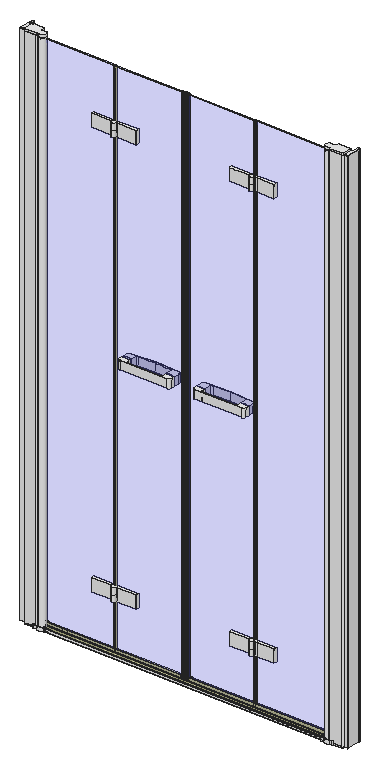
Revit family "SLF2", category Plumbing Fixtures, Revit 2015
Parameters (values of type "1200")
  x = A / 14 * 3  # 257.143 mm
  Seal = Seal
  Glass = Glass
  Chrome = Chrome - Polished
  Aluminium = Aluminum - Polished
  A = 1200 mm
  URL = "http://www.sanswiss.com/"
  Type Comments = ""
  Model = "SLF2"
  Manufacturer = "SanSwiss"
Reference planes
  plane 1 "Center (Front/Back)": y = 0
  plane 2: z = 0
  plane 3 "Center (Left/Right)": x = 0
  plane 4 "Back": y = 1900
  plane 5 "Left": x = -1200
  plane 6: y = 1825.1
  plane 7: x = -1106.4
  plane 8: y = 1828.3
  plane 9: x = -1128.9
  plane 10 "middle": x = -600
  plane 11: x = -6.7
  plane 12: x = -607.069
  plane 13: x = -592.439
  plane 14: x = -1138.856
  plane 15: x = -1111.4
  plane 16: x = -340.483
  plane 17: x = -859.235
  plane 18: x = -88.527
  plane 19: x = -853.175
  plane 20: x = -348.347
  plane 21: y = 17.591
  plane 22: x = -856.949
  plane 23: x = -342.909
  plane 24: x = -76.086
Forms (mm)
  Sweep 1, solid, material "Aluminum - Polished" <- "Aluminium"
    path origin (-10, 0, 0) x (1, 0, 0) y (0, 0, 1)
      loop
        line (-1200, 4) -> (-1200, 1946)
    profile origin (-1210, 0, 975) x (-1, 0, 0) y (0, -1, 0)
      loop
        line (-35.676, -44.4) -> (-33.876, -42.6) -> (-18.652, -42.6)
        arc (-18.652, -42.6) -> (-17.142, -43.982) -> (-16.7, -45.981) r 3.398
        line (-16.7, -45.981) -> (-16.7, -61.6)
        arc (-16.7, -61.6) -> (-16.114, -63.014) -> (-14.7, -63.6) r 2
        line (-14.7, -63.6) -> (-11.132, -63.6)
        arc (-11.132, -63.6) -> (-10.555, -63.318) -> (-10.422, -62.691) r 0.732
        arc (-10.422, -62.691) -> (-9.569, -62.097) -> (-10, -61.151) r 0.812
        line (-10, -61.151) -> (-10, -11.787)
        arc (-10, -11.787) -> (-9.501, -11.09) -> (-10.01, -10.4) r 0.729
        line (-10.01, -10.4) -> (-26.3, -10.4) -> (-30.3, -6.4) -> (-71.884, -6.4) -> (-74.546, -9.061)
        arc (-74.546, -9.061) -> (-75.11, -9.818) -> (-75.165, -10.761) r 1.644
        arc (-75.165, -10.761) -> (-72.616, -20.38) -> (-77.164, -29.231) r 13.872
        line (-77.164, -29.231) -> (-81.522, -30.522)
        arc (-81.522, -30.522) -> (-81.818, -31.13) -> (-81.238, -31.479) r 0.501
        line (-81.238, -31.479) -> (-76.826, -30.59)
        arc (-76.826, -30.59) -> (-76.408, -30.336) -> (-76.248, -29.874) r 0.72
        arc (-76.248, -29.874) -> (-75.55, -29.599) -> (-74.801, -29.583) r 2.127
        arc (-74.801, -29.583) -> (-72.782, -30.26) -> (-71.1, -31.566) r 6.362
        line (-71.1, -31.566) -> (-71.1, -42.6)
        arc (-71.1, -42.6) -> (-70.573, -43.872) -> (-69.3, -44.4) r 1.8
        line (-69.3, -44.4) -> (-35.676, -44.4)
  Sweep 2, solid, material "Chrome - Polished" <- "Chrome"
    path origin (0, 0, 0) x (1, 0, 0) y (0, 0, 1)
      loop
        line (-1200, 1946) -> (-1200, 1947)
    profile origin (-1200, 0, 1946.5) x (-1, 0, 0) y (0, -1, 0)
      loop
        line (0, -62.594) -> (0, -11.426)
        arc (0, -11.426) -> (-0.301, -10.7) -> (-1.027, -10.4) r 1.027
        line (-1.027, -10.4) -> (-33.876, -10.4) -> (-33.876, -42.6) -> (-8.652, -42.6)
        arc (-8.652, -42.6) -> (-7.142, -43.982) -> (-6.7, -45.981) r 3.398
        line (-6.7, -45.981) -> (-6.7, -61.6)
        arc (-6.7, -61.6) -> (-6.114, -63.014) -> (-4.7, -63.6) r 2
        line (-4.7, -63.6) -> (-1, -63.6) -> (-1, -62.594) -> (0, -62.594)
  Sweep 3, solid, material "Chrome - Polished" <- "Chrome"
    path origin (-9.957, 0, 0) x (1, 0, 0) y (0, 0, 1)
      loop
        line (-1200, 1946) -> (-1200, 1951)
    profile origin (-1209.957, 0, 1948.5) x (-1, 0, 0) y (0, -1, 0)
      loop
        line (-26.3, -10.4) -> (-30.3, -6.4) -> (-71.884, -6.4) -> (-73.884, -8.4) -> (-79.172, -8.4)
        arc (-79.172, -8.4) -> (-98.11, -15.238) -> (-86.1, -31.4) r 12.543
        line (-86.1, -31.4) -> (-74.1, -31.4)
        arc (-74.1, -31.4) -> (-71.979, -32.278) -> (-71.1, -34.4) r 3
        line (-71.1, -34.4) -> (-71.1, -42.6)
        arc (-71.1, -42.6) -> (-70.573, -43.872) -> (-69.3, -44.4) r 1.8
        line (-69.3, -44.4) -> (-35.676, -44.4) -> (-33.876, -42.6) -> (-26.851, -42.6)
        arc (-26.851, -42.6) -> (-26.461, -42.438) -> (-26.3, -42.049) r 0.551
        line (-26.3, -42.049) -> (-26.3, -10.4)
  Sweep 4, solid, material "Chrome - Polished" <- "Chrome"
    path origin (-9.957, 0, 0) x (1, 0, 0) y (0, 0, 1)
      loop
        line (-1200, 0) -> (-1200, 4)
    profile origin (-1209.957, 0, 2) x (-1, 0, 0) y (0, -1, 0)
      loop
        line (-26.3, -42.6) -> (-26.3, -10.4) -> (-30.3, -6.4) -> (-71.884, -6.4) -> (-73.884, -8.4) -> (-79.172, -8.4)
        arc (-79.172, -8.4) -> (-98.11, -15.238) -> (-86.1, -31.4) r 12.543
        line (-86.1, -31.4) -> (-74.1, -31.4)
        arc (-74.1, -31.4) -> (-72.049, -32.208) -> (-71.1, -34.197) r 3.007
        line (-71.1, -34.197) -> (-71.1, -42.6)
        arc (-71.1, -42.6) -> (-70.573, -43.872) -> (-69.3, -44.4) r 1.8
        line (-69.3, -44.4) -> (-35.676, -44.4) -> (-33.876, -42.6) -> (-26.3, -42.6)
  Sweep 5, solid, material "Aluminum - Polished" <- "Aluminium"
    path origin (-10, 0, 0) x (1, 0, 0) y (0, 0, 1)
      loop
        line (-1200, 4) -> (-1200, 1940)
    profile origin (-1210, 0, 972) x (-1, 0, 0) y (0, -1, 0)
      loop
        arc (-86.1, -31.4) -> (-74.09, -22.474) -> (-79.172, -8.4) r 12.543
        arc (-79.172, -8.4) -> (-98.11, -15.238) -> (-86.1, -31.4) r 12.543
  Extrusion 6, solid, material "Seal" <- "Seal"
    sketch origin (900, 0, 0) x (0, 1, 0) y (0, 0, 1)
      loop
        arc (16.331, 27.5) -> (15.637, 27.245) -> (15.333, 26.57) r 0.955
        line (15.333, 26.57) -> (14.507, 16.692)
        arc (14.507, 16.692) -> (15.106, 14.943) -> (16.799, 14.2) r 2.3
        line (16.799, 14.2) -> (18.287, 14.2)
        arc (18.287, 14.2) -> (18.558, 13.566) -> (18.688, 12.889) r 3.217
        arc (18.688, 12.889) -> (18.652, 12.266) -> (18.499, 11.661) r 3.299
        line (18.499, 11.661) -> (18.499, 2.4)
        arc (18.499, 2.4) -> (18.899, 2) -> (19.299, 2.4) r 0.4
        line (19.299, 2.4) -> (19.299, 11.633)
        arc (19.299, 11.633) -> (19.138, 12.251) -> (19.1, 12.889) r 3.299
        arc (19.1, 12.889) -> (19.23, 13.566) -> (19.501, 14.2) r 3.217
        line (19.501, 14.2) -> (21.086, 14.2)
        arc (21.086, 14.2) -> (22.877, 15.057) -> (23.333, 16.989) r 2.3
        arc (23.333, 16.989) -> (23.854, 17.21) -> (24.412, 17.295) r 2.259
        arc (24.412, 17.295) -> (24.777, 17.126) -> (24.954, 16.765) r 0.599
        line (24.954, 16.765) -> (26.702, 1.853)
        arc (26.702, 1.853) -> (27.146, 1.503) -> (27.496, 1.947) r 0.4
        line (27.496, 1.947) -> (25.772, 16.62)
        arc (25.772, 16.62) -> (25.865, 17.014) -> (26.189, 17.255) r 0.591
        line (26.189, 17.255) -> (28.461, 16.675)
        arc (28.461, 16.675) -> (28.883, 16.61) -> (29.263, 16.802) r 0.696
        arc (29.263, 16.802) -> (29.15, 17.546) -> (28.546, 17.995) r 0.99
        line (28.546, 17.995) -> (23.154, 19.371) -> (22.551, 26.57)
        arc (22.551, 26.57) -> (22.248, 27.245) -> (21.554, 27.5) r 0.955
        arc (21.554, 27.5) -> (21.109, 27.255) -> (21.031, 26.753) r 0.575
        line (21.031, 26.753) -> (21.296, 25.983) -> (22.082, 16.583)
        arc (22.082, 16.583) -> (21.765, 15.817) -> (20.999, 15.5) r 1.083
        line (20.999, 15.5) -> (16.886, 15.5)
        arc (16.886, 15.5) -> (16.12, 15.817) -> (15.802, 16.583) r 1.083
        line (15.802, 16.583) -> (16.589, 25.983) -> (16.854, 26.753)
        arc (16.854, 26.753) -> (16.776, 27.255) -> (16.331, 27.5) r 0.575
    from -2011.4 to -988.527
  Extrusion 7, solid, material "Aluminum - Polished" <- "Aluminium"
    sketch origin (0, 0, 0) x (0, 1, 0) y (0, 0, 1)
      loop
        line (4.2, 9) -> (4.2, 0.75)
        arc (4.2, 0.75) -> (4.296, 0.333) -> (4.567, 0) r 0.95
        line (4.567, 0) -> (14, 0)
        arc (14, 0) -> (14.588, 1.02) -> (14, 2.039) r 1.177
        line (14, 2.039) -> (10.768, 3.905)
        arc (10.768, 3.905) -> (10.237, 4.125) -> (9.668, 4.2) r 2.2
        line (9.668, 4.2) -> (8.6, 4.2) -> (8.6, 9)
        arc (8.6, 9) -> (8.248, 9.849) -> (7.4, 10.2) r 1.2
        line (7.4, 10.2) -> (5.4, 10.2)
        arc (5.4, 10.2) -> (4.551, 9.849) -> (4.2, 9) r 1.2
    from -1106.4 to -84
  Sweep 8, solid, material "Seal" <- "Seal"
    path origin (0, 0, 0) x (1, 0, 0) y (0, 0, 1)
      loop
        line (-600, 1938.5) -> (-600, 19.7)
    profile origin (-600, 0, 979.1) x (0, -1, 0) y (1, 0, 0)
      loop
        line (-21.877, -13.476) -> (-22.148, -12.082) -> (-22.467, -11.365) -> (-22.947, -7.95)
        arc (-22.947, -7.95) -> (-22.732, -7.173) -> (-22.016, -6.8) r 1.012
        line (-22.016, -6.8) -> (-17.283, -6.8)
        arc (-17.283, -6.8) -> (-16.567, -7.173) -> (-16.352, -7.95) r 1.012
        line (-16.352, -7.95) -> (-16.832, -11.365) -> (-17.151, -12.082) -> (-17.485, -13.801)
        arc (-17.485, -13.801) -> (-16.617, -13.852) -> (-15.923, -13.328) r 1.26
        line (-15.923, -13.328) -> (-15.189, -8.11)
        arc (-15.189, -8.11) -> (-15.188, -7.561) -> (-15.266, -7.018) r 3.815
        arc (-15.266, -7.018) -> (-13.823, -5.314) -> (-13.185, -3.175) r 5.443
        arc (-13.185, -3.175) -> (-13.409, -1.464) -> (-14.322, 0) r 4.072
        line (-14.322, 0) -> (-24.977, 0)
        arc (-24.977, 0) -> (-25.89, -1.464) -> (-26.114, -3.175) r 4.072
        arc (-26.114, -3.175) -> (-25.477, -5.314) -> (-24.034, -7.018) r 5.443
        arc (-24.034, -7.018) -> (-24.111, -7.561) -> (-24.11, -8.11) r 3.815
        line (-24.11, -8.11) -> (-23.377, -13.328)
        arc (-23.377, -13.328) -> (-22.666, -13.797) -> (-21.877, -13.476) r 0.913
      loop
        line (-22.674, -0.4) -> (-22.674, -2.2) -> (-16.674, -2.2) -> (-16.674, -0.4) -> (-22.674, -0.4)
      loop
        arc (-23.541, -6.001) -> (-22.951, -5.594) -> (-22.254, -5.428) r 1.951
        line (-22.254, -5.428) -> (-17.074, -5.428)
        arc (-17.074, -5.428) -> (-16.376, -5.594) -> (-15.786, -6.001) r 1.951
        arc (-15.786, -6.001) -> (-15.371, -6.312) -> (-14.956, -6.001) r 0.433
        arc (-14.956, -6.001) -> (-14.032, -4.606) -> (-13.67, -2.972) r 4.586
        arc (-13.67, -2.972) -> (-13.878, -1.433) -> (-15.037, -0.4) r 2.237
        line (-15.037, -0.4) -> (-16.174, -0.4) -> (-16.174, -1.9)
        arc (-16.174, -1.9) -> (-16.408, -2.466) -> (-16.974, -2.7) r 0.8
        line (-16.974, -2.7) -> (-22.374, -2.7)
        arc (-22.374, -2.7) -> (-22.939, -2.466) -> (-23.174, -1.9) r 0.8
        line (-23.174, -1.9) -> (-23.174, -0.4) -> (-24.29, -0.4)
        arc (-24.29, -0.4) -> (-25.45, -1.433) -> (-25.657, -2.972) r 2.237
        arc (-25.657, -2.972) -> (-25.296, -4.606) -> (-24.371, -6.001) r 4.586
        arc (-24.371, -6.001) -> (-23.956, -6.312) -> (-23.541, -6.001) r 0.433
  Sweep 9, solid, material "Seal" <- "Seal"
    path origin (-906.7, 0, 0) x (-1, 0, 0) y (0, 0, 1)
      loop
        line (-306.7, 1938.5) -> (-306.7, 19.7)
    profile origin (-600, 0, 979.1) x (0, -1, 0) y (1, 0, 0)
      loop
        arc (-21.877, 13.476) -> (-22.666, 13.797) -> (-23.377, 13.328) r 0.913
        line (-23.377, 13.328) -> (-24.11, 8.11)
        arc (-24.11, 8.11) -> (-24.111, 7.561) -> (-24.034, 7.018) r 3.815
        arc (-24.034, 7.018) -> (-25.477, 5.314) -> (-26.114, 3.175) r 5.443
        arc (-26.114, 3.175) -> (-25.89, 1.464) -> (-24.977, 0) r 4.072
        line (-24.977, 0) -> (-14.322, 0)
        arc (-14.322, 0) -> (-13.409, 1.464) -> (-13.185, 3.175) r 4.072
        arc (-13.185, 3.175) -> (-13.823, 5.314) -> (-15.266, 7.018) r 5.443
        arc (-15.266, 7.018) -> (-15.188, 7.561) -> (-15.189, 8.11) r 3.815
        line (-15.189, 8.11) -> (-15.923, 13.328)
        arc (-15.923, 13.328) -> (-16.617, 13.852) -> (-17.485, 13.801) r 1.26
        line (-17.485, 13.801) -> (-17.151, 12.082) -> (-16.832, 11.365) -> (-16.352, 7.95)
        arc (-16.352, 7.95) -> (-16.567, 7.173) -> (-17.283, 6.8) r 1.012
        line (-17.283, 6.8) -> (-22.016, 6.8)
        arc (-22.016, 6.8) -> (-22.732, 7.173) -> (-22.947, 7.95) r 1.012
        line (-22.947, 7.95) -> (-22.467, 11.365) -> (-22.148, 12.082) -> (-21.877, 13.476)
      loop
        line (-22.674, 0.4) -> (-16.674, 0.4) -> (-16.674, 2.2) -> (-22.674, 2.2) -> (-22.674, 0.4)
      loop
        arc (-23.541, 6.001) -> (-23.956, 6.312) -> (-24.371, 6.001) r 0.433
        arc (-24.371, 6.001) -> (-25.296, 4.606) -> (-25.657, 2.972) r 4.586
        arc (-25.657, 2.972) -> (-25.45, 1.433) -> (-24.29, 0.4) r 2.237
        line (-24.29, 0.4) -> (-23.174, 0.4) -> (-23.174, 1.9)
        arc (-23.174, 1.9) -> (-22.939, 2.466) -> (-22.374, 2.7) r 0.8
        line (-22.374, 2.7) -> (-16.974, 2.7)
        arc (-16.974, 2.7) -> (-16.408, 2.466) -> (-16.174, 1.9) r 0.8
        line (-16.174, 1.9) -> (-16.174, 0.4) -> (-15.037, 0.4)
        arc (-15.037, 0.4) -> (-13.878, 1.433) -> (-13.67, 2.972) r 2.237
        arc (-13.67, 2.972) -> (-14.032, 4.606) -> (-14.956, 6.001) r 4.586
        arc (-14.956, 6.001) -> (-15.371, 6.312) -> (-15.786, 6.001) r 0.433
        arc (-15.786, 6.001) -> (-16.376, 5.594) -> (-17.074, 5.428) r 1.951
        line (-17.074, 5.428) -> (-22.254, 5.428)
        arc (-22.254, 5.428) -> (-22.951, 5.594) -> (-23.541, 6.001) r 1.951
  Sweep 10, solid, material "Aluminum - Polished" <- "Aluminium"
    path origin (-889.788, -0.389, 0) x (-1, 0, 0) y (0, 0, -1)
      loop
        line (-900, -4) -> (-900, -1940)
    profile origin (10.212, -0.389, 972) x (-1, 0, 0) y (0, -1, 0)
      loop
        arc (86.1, -31.4) -> (98.11, -15.238) -> (79.172, -8.4) r 12.543
        arc (79.172, -8.4) -> (74.09, -22.474) -> (86.1, -31.4) r 12.543
  Sweep 11, void
    path origin (0, 0, 0) x (1, 0, 0) y (0, 0, 1)
      loop
        line (-600, 19.7) -> (-600, 29.13)
    profile origin (-600, 0, 24.415) x (-1, 0, 0) y (0, -1, 0)
      loop
        line (14.647, -40.328) -> (14.647, -1.366) -> (-14.647, -1.366) -> (-14.647, -40.328) -> (14.647, -40.328)
  Sweep 12, solid, material "Aluminum - Polished" <- "Aluminium"
    path origin (910.004, 0, 0) x (1, 0, 0) y (0, 0, 1)
      loop
        line (-900, 4) -> (-900, 1946)
    profile origin (10.004, 0, 975) x (-1, 0, 0) y (0, -1, 0)
      loop
        line (35.676, -44.102) -> (69.3, -44.102)
        arc (69.3, -44.102) -> (70.573, -43.575) -> (71.1, -42.302) r 1.8
        line (71.1, -42.302) -> (71.1, -31.268)
        arc (71.1, -31.268) -> (72.782, -29.963) -> (74.801, -29.286) r 6.362
        arc (74.801, -29.286) -> (75.55, -29.302) -> (76.248, -29.577) r 2.127
        arc (76.248, -29.577) -> (76.408, -30.039) -> (76.826, -30.292) r 0.72
        line (76.826, -30.292) -> (81.238, -31.181)
        arc (81.238, -31.181) -> (81.818, -30.832) -> (81.522, -30.224) r 0.501
        line (81.522, -30.224) -> (77.164, -28.933)
        arc (77.164, -28.933) -> (72.616, -20.083) -> (75.165, -10.463) r 13.872
        arc (75.165, -10.463) -> (75.11, -9.521) -> (74.546, -8.764) r 1.644
        line (74.546, -8.764) -> (71.884, -6.102) -> (30.3, -6.102) -> (26.3, -10.102) -> (10.262, -10.102)
        arc (10.262, -10.102) -> (9.753, -10.792) -> (10.253, -11.49) r 0.729
        line (10.253, -11.49) -> (10.253, -60.854)
        arc (10.253, -60.854) -> (9.822, -61.799) -> (10.674, -62.394) r 0.812
        arc (10.674, -62.394) -> (10.808, -63.021) -> (11.384, -63.302) r 0.732
        line (11.384, -63.302) -> (14.953, -63.302)
        arc (14.953, -63.302) -> (16.367, -62.716) -> (16.953, -61.302) r 2
        line (16.953, -61.302) -> (16.953, -45.684)
        arc (16.953, -45.684) -> (17.394, -43.685) -> (18.905, -42.302) r 3.398
        line (18.905, -42.302) -> (33.876, -42.302) -> (35.676, -44.102)
  Sweep 13, solid, material "Chrome - Polished" <- "Chrome"
    path origin (-899.996, -0.297, 8.738) x (-1, 0, 0) y (0, 0, -1)
      loop
        line (-900, -1937.262) -> (-900, -1938.262)
    profile origin (0.004, -0.297, 1946.5) x (-1, 0, 0) y (0, -1, 0)
      loop
        line (0, -62.594) -> (1, -62.594) -> (1, -63.6) -> (4.7, -63.6)
        arc (4.7, -63.6) -> (6.114, -63.014) -> (6.7, -61.6) r 2
        line (6.7, -61.6) -> (6.7, -45.981)
        arc (6.7, -45.981) -> (7.142, -43.982) -> (8.652, -42.6) r 3.398
        line (8.652, -42.6) -> (33.876, -42.6) -> (33.876, -10.4) -> (1.027, -10.4)
        arc (1.027, -10.4) -> (0.301, -10.7) -> (0, -11.426) r 1.027
        line (0, -11.426) -> (0, -62.594)
  Sweep 14, solid, material "Chrome - Polished" <- "Chrome"
    path origin (-889.996, -0.297, 8.738) x (-1, 0, 0) y (0, 0, -1)
      loop
        line (-900, -1937.262) -> (-900, -1942.262)
    profile origin (10.004, -0.297, 1948.5) x (-1, 0, 0) y (0, -1, 0)
      loop
        line (26.3, -10.4) -> (26.3, -42.049)
        arc (26.3, -42.049) -> (26.461, -42.438) -> (26.851, -42.6) r 0.551
        line (26.851, -42.6) -> (33.876, -42.6) -> (35.676, -44.4) -> (69.3, -44.4)
        arc (69.3, -44.4) -> (70.573, -43.872) -> (71.1, -42.6) r 1.8
        line (71.1, -42.6) -> (71.1, -34.4)
        arc (71.1, -34.4) -> (71.979, -32.278) -> (74.1, -31.4) r 3
        line (74.1, -31.4) -> (86.1, -31.4)
        arc (86.1, -31.4) -> (98.11, -15.238) -> (79.172, -8.4) r 12.543
        line (79.172, -8.4) -> (73.884, -8.4) -> (71.884, -6.4) -> (30.3, -6.4) -> (26.3, -10.4)
  Sweep 15, solid, material "Chrome - Polished" <- "Chrome"
    path origin (-1889.996, -0.297, 0) x (-1, 0, 0) y (0, 0, -1)
      loop
        line (-1900, 0) -> (-1900, -4)
    profile origin (10.004, -0.297, 2) x (-1, 0, 0) y (0, -1, 0)
      loop
        line (26.3, -42.6) -> (33.876, -42.6) -> (35.676, -44.4) -> (69.3, -44.4)
        arc (69.3, -44.4) -> (70.573, -43.872) -> (71.1, -42.6) r 1.8
        line (71.1, -42.6) -> (71.1, -34.197)
        arc (71.1, -34.197) -> (72.049, -32.208) -> (74.1, -31.4) r 3.007
        line (74.1, -31.4) -> (86.1, -31.4)
        arc (86.1, -31.4) -> (98.11, -15.238) -> (79.172, -8.4) r 12.543
        line (79.172, -8.4) -> (73.884, -8.4) -> (71.884, -6.4) -> (30.3, -6.4) -> (26.3, -10.4) -> (26.3, -42.6)
  Sweep 16, solid, material "Seal" <- "Seal"
    path origin (0, 0, 0) x (1, 0, 0) y (0, 0, 1)
      loop
        line (-859.235, 26.57) -> (-859.235, 1938.5)
    profile origin (-859.235, 0, 982.535) x (-1, 0, 0) y (0, -1, 0)
      loop
        line (-2.285, -14.275) -> (0.715, -14.509)
        arc (0.715, -14.509) -> (1.686, -14.886) -> (2.704, -14.664) r 1.808
        arc (2.704, -14.664) -> (2.595, -13.887) -> (1.977, -13.404) r 1.049
        line (1.977, -13.404) -> (-1.977, -13.096)
        arc (-1.977, -13.096) -> (-2.434, -13.134) -> (-2.855, -13.317) r 1.42
        arc (-2.855, -13.317) -> (-7.467, -14.503) -> (-9.284, -18.905) r 5.322
        line (-9.284, -18.905) -> (-9.175, -19.756)
        arc (-9.175, -19.756) -> (-8.789, -19.52) -> (-8.762, -19.068) r 0.489
        arc (-8.762, -19.068) -> (-7.389, -15.114) -> (-3.485, -13.604) r 4.979
        line (-3.485, -13.604) -> (-3.485, -20.591)
        arc (-3.485, -20.591) -> (-3.047, -21.65) -> (-1.989, -22.088) r 1.497
        line (-1.989, -22.088) -> (1.977, -21.779)
        arc (1.977, -21.779) -> (2.723, -21.262) -> (2.639, -20.359) r 0.9
        arc (2.639, -20.359) -> (1.638, -20.279) -> (0.715, -20.674) r 2.101
        line (0.715, -20.674) -> (-2.285, -20.908) -> (-2.285, -14.275)
  Sweep 17, solid, material "Seal" <- "Seal"
    path origin (0, 0, 0) x (1, 0, 0) y (0, 0, 1)
      loop
        line (-340.483, 26.57) -> (-340.483, 1938.5)
    profile origin (-340.483, 0, 982.535) x (-1, 0, 0) y (0, -1, 0)
      loop
        line (3.217, -15.48) -> (3.217, -22.112) -> (0.217, -21.878)
        arc (0.217, -21.878) -> (-0.707, -21.484) -> (-1.708, -21.563) r 2.101
        arc (-1.708, -21.563) -> (-1.791, -22.467) -> (-1.045, -22.984) r 0.9
        line (-1.045, -22.984) -> (2.92, -23.293)
        arc (2.92, -23.293) -> (3.979, -22.854) -> (4.417, -21.796) r 1.497
        line (4.417, -21.796) -> (4.417, -14.808)
        arc (4.417, -14.808) -> (8.321, -16.318) -> (9.693, -20.272) r 4.979
        arc (9.693, -20.272) -> (9.721, -20.724) -> (10.107, -20.96) r 0.489
        line (10.107, -20.96) -> (10.215, -20.11)
        arc (10.215, -20.11) -> (8.399, -15.707) -> (3.786, -14.521) r 5.322
        arc (3.786, -14.521) -> (3.365, -14.339) -> (2.908, -14.3) r 1.42
        line (2.908, -14.3) -> (-1.045, -14.608)
        arc (-1.045, -14.608) -> (-1.663, -15.092) -> (-1.773, -15.868) r 1.049
        arc (-1.773, -15.868) -> (-0.755, -16.09) -> (0.217, -15.713) r 1.808
        line (0.217, -15.713) -> (3.217, -15.48)
  Extrusion 18, solid, material "Glass" <- "Glass"
    sketch origin (0, 0, 1950) x (-1, 0, 0) y (0, -1, 0)
      loop
        line (1128.9, -21.9) -> (1128.9, -15.9) -> (856.949, -15.9) -> (856.949, -21.9) -> (1128.9, -21.9)
    from -1934.5 to -11.5
  Extrusion 19, solid, material "Glass" <- "Glass"
    sketch origin (0, 0, 1950) x (-1, 0, 0) y (0, -1, 0)
      loop
        line (853.175, -21.9) -> (853.175, -15.9) -> (607.069, -15.9) -> (607.069, -21.9) -> (853.175, -21.9)
      loop
        line (593.2, -15.9) -> (348.347, -15.9) -> (348.347, -21.9) -> (593.2, -21.9) -> (593.2, -15.9)
    from -1934.5 to -11.5
  Extrusion 20, solid, material "Glass" <- "Glass"
    sketch origin (0, 0, 1950) x (-1, 0, 0) y (0, -1, 0)
      loop
        line (342.909, -15.9) -> (76.086, -15.9) -> (76.086, -21.9) -> (342.909, -21.9) -> (342.909, -15.9)
    from -1934.5 to -11.5
Cuts and joins
  Sweep 11 cuts Extrusion 6
Dimensions and locks
  locked: plane 4 "Back" to plane 1 "Center (Front/Back)" at 1900
  "A": plane 5 "Left" to plane 3 "Center (Left/Right)"
  locked: plane 4 "Back" to plane 6 at 74.9
  plane 5 "Left" to Extrusion 7 = 93.6 mm
  locked: plane 4 "Back" to plane 8 at 71.7
  locked: plane 5 "Left" to plane 9 at 71.1
  plane 12 to plane 10 "middle" to plane 13 = 7.069 mm locked, 7.561 mm locked
  locked: plane 5 "Left" to plane 7 at 93.6
  locked: plane 5 "Left" to plane 14 at 61.144
  locked: plane 5 "Left" to plane 15 at 88.6
  equal spacing: plane 5 "Left", plane 10 "middle", plane 3 "Center (Left/Right)"
  locked: plane 18 to plane 3 "Center (Left/Right)" at 88.527
  equal spacing: plane 13, plane 16, plane 18
  equal spacing: plane 15, plane 17, plane 12
  locked: plane 17 to plane 19 at 6.059
  locked: plane 20 to plane 16 at 7.864
  locked: nested 1 to plane 10 "middle" at 136.895
  locked: plane 10 "middle" to nested 8 at 136.321
  locked: plane 17 to plane 22 at 2.285
  locked: plane 23 to plane 16 at 2.426
  locked: plane 24 to plane 3 "Center (Left/Right)" at 76.086
  aligned and locked: level to plane 2
  aligned and locked: plane 7 to Extrusion 7
  aligned and locked: nested 2 to plane 7
  aligned and locked: nested 4 to plane 14
  aligned and locked: nested 3 to plane 14
  aligned and locked: plane 15 to cut or joined group of Extrusion 6, Sweep 11
  aligned and locked: plane 19 to nested 12
  aligned and locked: plane 19 to nested 11
  aligned and locked: plane 20 to nested 13
  aligned and locked: plane 20 to nested 14
  aligned and locked: plane 9 to Extrusion 18
  aligned and locked: Extrusion 18 to plane 22
  aligned and locked: Extrusion 19 to nested 11
  aligned and locked: Extrusion 19 to plane 12
  aligned and locked: Extrusion 20 to plane 23
  aligned and locked: plane 24 to Extrusion 20
Automatic sketch dimensions
  Sweep 1 sketch curve to plane 5 "Left" = 10 mm
  level to Sweep 1 sketch curve = 4 mm
  Sweep 1 sketch curve to Sweep 1 sketch curve = 1942 mm
  Sweep 1 sketch curve to plane 1 "Center (Front/Back)" = 18.887 mm
  profile plane to Sweep 1 sketch curve = 86.407 mm
  Sweep 1 sketch curve to plane 1 "Center (Front/Back)" = 30.522 mm
  Sweep 1 sketch curve to Sweep 1 sketch curve = 4.886 mm
  Sweep 1 sketch curve to Sweep 1 sketch curve = 0.184 mm
  Sweep 1 sketch curve to plane 1 "Center (Front/Back)" = 31.479 mm
  Sweep 1 sketch curve to Sweep 1 sketch curve = 0.099 mm
  Sweep 1 sketch curve to plane 1 "Center (Front/Back)" = 29.231 mm
  Sweep 1 sketch curve to Sweep 1 sketch curve = 4.173 mm
  Sweep 1 sketch curve to Sweep 1 sketch curve = 0.197 mm
  Sweep 1 sketch curve to plane 1 "Center (Front/Back)" = 30.59 mm
  Sweep 1 sketch curve to Sweep 1 sketch curve = 0.142 mm
  Sweep 1 sketch curve to Sweep 1 sketch curve = 1.039 mm
  Sweep 1 sketch curve to Sweep 1 sketch curve = 1.695 mm
  Sweep 1 sketch curve to plane 1 "Center (Front/Back)" = 9.061 mm
  Sweep 1 sketch curve to Sweep 1 sketch curve = 11.861 mm
  Sweep 1 sketch curve to Sweep 1 sketch curve = 0.981 mm
  Sweep 1 sketch curve to plane 1 "Center (Front/Back)" = 6.4 mm
  Sweep 1 sketch curve to Sweep 1 sketch curve = 2.662 mm
  Sweep 1 sketch curve to Sweep 1 sketch curve = 4.687 mm
  Sweep 1 sketch curve to Sweep 1 sketch curve = 1.8 mm  (x3)
  Sweep 1 sketch curve to Sweep 1 sketch curve = 33.624 mm
  profile plane to Sweep 1 sketch curve = 30.3 mm
  Sweep 1 sketch curve to Sweep 1 sketch curve = 4 mm
  Sweep 1 sketch curve to Sweep 1 sketch curve = 13.791 mm
  Sweep 1 sketch curve to Sweep 1 sketch curve = 1.432 mm
  Sweep 1 sketch curve to Sweep 1 sketch curve = 3.384 mm
  Sweep 1 sketch curve to Sweep 1 sketch curve = 2 mm
  Sweep 1 sketch curve to Sweep 1 sketch curve = 3.568 mm
  Sweep 1 sketch curve to Sweep 1 sketch curve = 0.78 mm
  profile plane to Sweep 1 sketch curve = 10.23 mm
  Sweep 1 sketch curve to Sweep 1 sketch curve = 0.22 mm
  Sweep 1 sketch curve to Sweep 1 sketch curve = 0.23 mm
  Sweep 1 sketch curve to Sweep 1 sketch curve = 0.976 mm
  Sweep 1 sketch curve to Sweep 1 sketch curve = 1.094 mm
  Sweep 1 sketch curve to Sweep 1 sketch curve = 4.184 mm
  Sweep 1 sketch curve to Sweep 1 sketch curve = 6.731 mm
  Sweep 1 sketch curve to Sweep 1 sketch curve = 3.081 mm
  Sweep 1 sketch curve to Sweep 1 sketch curve = 15.17 mm
  Sweep 1 sketch curve to Sweep 1 sketch curve = 0.448 mm
  Sweep 1 sketch curve to Sweep 1 sketch curve = 0.731 mm
  Sweep 1 sketch curve to Sweep 1 sketch curve = 0.732 mm
  Sweep 1 sketch curve to Sweep 1 sketch curve = 0.653 mm
  Sweep 1 sketch curve to plane 1 "Center (Front/Back)" = 11.787 mm
  Sweep 1 sketch curve to Sweep 1 sketch curve = 0.692 mm
  Sweep 1 sketch curve to Sweep 1 sketch curve = 1.319 mm
  Sweep 1 sketch curve to Sweep 1 sketch curve = 0.72 mm
  Sweep 2 sketch curve to plane 5 "Left" = 0 mm
  level to Sweep 2 sketch curve = 1946 mm
  Sweep 2 sketch curve to Sweep 2 sketch curve = 1 mm
  Sweep 2 sketch curve to profile plane = 0 mm
  profile plane to Sweep 2 sketch curve = 1 mm
  profile plane to Sweep 2 sketch curve = 1.027 mm
  Sweep 2 sketch curve to Sweep 2 sketch curve = 3.7 mm
  profile plane to Sweep 2 sketch curve = 6.7 mm
  Sweep 2 sketch curve to Sweep 2 sketch curve = 1.952 mm
  Sweep 2 sketch curve to Sweep 2 sketch curve = 3.384 mm
  Sweep 2 sketch curve to Sweep 2 sketch curve = 23.791 mm
  Sweep 2 sketch curve to plane 1 "Center (Front/Back)" = 63.6 mm
  Sweep 2 sketch curve to Sweep 2 sketch curve = 1.005 mm
  Sweep 2 sketch curve to Sweep 2 sketch curve = 15.618 mm
  Sweep 2 sketch curve to Sweep 2 sketch curve = 0.3 mm
  Sweep 2 sketch curve to plane 1 "Center (Front/Back)" = 11.426 mm
  Sweep 3 sketch curve to plane 5 "Left" = 9.957 mm
  level to Sweep 3 sketch curve = 1946 mm
  Sweep 3 sketch curve to Sweep 3 sketch curve = 5 mm
  profile plane to Sweep 3 sketch curve = 86.1 mm
  Sweep 3 sketch curve to Sweep 3 sketch curve = 6.928 mm
  Sweep 3 sketch curve to Sweep 3 sketch curve = 12 mm
  Sweep 3 sketch curve to Sweep 3 sketch curve = 5.287 mm
  Sweep 3 sketch curve to plane 1 "Center (Front/Back)" = 6.4 mm
  Sweep 3 sketch curve to Sweep 3 sketch curve = 2 mm  (x2)
  Sweep 3 sketch curve to Sweep 3 sketch curve = 3 mm
  Sweep 3 sketch curve to Sweep 3 sketch curve = 1.8 mm  (x2)
  Sweep 3 sketch curve to Sweep 3 sketch curve = 33.624 mm
  profile plane to Sweep 3 sketch curve = 30.3 mm
  Sweep 3 sketch curve to Sweep 3 sketch curve = 7.025 mm
  Sweep 3 sketch curve to Sweep 3 sketch curve = 0.551 mm
  Sweep 3 sketch curve to Sweep 3 sketch curve = 4 mm
  Sweep 3 sketch curve to Sweep 3 sketch curve = 10.457 mm
  Sweep 3 sketch curve to Sweep 3 sketch curve = 31.649 mm
  Sweep 3 sketch curve to Sweep 3 sketch curve = 8.2 mm
  Sweep 4 sketch curve to level = 0 mm
  level to Sweep 4 sketch curve = 4 mm
  Sweep 4 sketch curve to plane 5 "Left" = 9.957 mm
  Sweep 4 sketch curve to plane 1 "Center (Front/Back)" = 18.856 mm
  profile plane to Sweep 4 sketch curve = 86.1 mm
  Sweep 4 sketch curve to Sweep 4 sketch curve = 6.928 mm
  Sweep 4 sketch curve to Sweep 4 sketch curve = 12 mm
  Sweep 4 sketch curve to plane 1 "Center (Front/Back)" = 8.4 mm
  Sweep 4 sketch curve to Sweep 4 sketch curve = 5.287 mm
  Sweep 4 sketch curve to Sweep 4 sketch curve = 2 mm
  Sweep 4 sketch curve to Sweep 4 sketch curve = 3 mm
  Sweep 4 sketch curve to Sweep 4 sketch curve = 1.8 mm  (x3)
  Sweep 4 sketch curve to Sweep 4 sketch curve = 33.624 mm
  Sweep 4 sketch curve to plane 1 "Center (Front/Back)" = 6.4 mm
  profile plane to Sweep 4 sketch curve = 30.3 mm
  Sweep 4 sketch curve to plane 1 "Center (Front/Back)" = 10.4 mm
  Sweep 4 sketch curve to Sweep 4 sketch curve = 4 mm
  Sweep 4 sketch curve to Sweep 4 sketch curve = 2.798 mm
  Sweep 4 sketch curve to Sweep 4 sketch curve = 8.402 mm
  Sweep 5 sketch curve to plane 5 "Left" = 10 mm
  level to Sweep 5 sketch curve = 4 mm
  Sweep 5 sketch curve to Sweep 5 sketch curve = 1936 mm
  Sweep 5 sketch curve to Sweep 5 sketch curve = 0 mm  (x2)
  Sweep 5 sketch curve to plane 1 "Center (Front/Back)" = 18.856 mm
  profile plane to Sweep 5 sketch curve = 86.1 mm
  Sweep 5 sketch curve to Sweep 5 sketch curve = 6.928 mm
  Sweep 5 sketch curve to Sweep 5 sketch curve = 12.543 mm
  Extrusion 6 sketch curve to plane 1 "Center (Front/Back)" = 14.507 mm
  Extrusion 6 sketch curve to Extrusion 6 sketch curve = 0.826 mm
  Extrusion 6 sketch curve to Extrusion 6 sketch curve = 0.884 mm
  Extrusion 6 sketch curve to Extrusion 6 sketch curve = 0.091 mm  (x2)
  Extrusion 6 sketch curve to Extrusion 6 sketch curve = 1.295 mm
  Extrusion 6 sketch curve to Extrusion 6 sketch curve = 0.954 mm  (x2)
  Extrusion 6 sketch curve to Extrusion 6 sketch curve = 0.017 mm  (x2)
  Extrusion 6 sketch curve to Extrusion 6 sketch curve = 0.301 mm
  Extrusion 6 sketch curve to Extrusion 6 sketch curve = 0.997 mm  (x2)
  Extrusion 6 sketch curve to Extrusion 6 sketch curve = 0.549 mm  (x2)
  Extrusion 6 sketch curve to Extrusion 6 sketch curve = 0.087 mm  (x2)
  Extrusion 6 sketch curve to Extrusion 6 sketch curve = 1.488 mm
  level to Extrusion 6 sketch curve = 2.4 mm
  Extrusion 6 sketch curve to Extrusion 6 sketch curve = 3.017 mm
  Extrusion 6 sketch curve to Extrusion 6 sketch curve = 0.4 mm
  Extrusion 6 sketch curve to Extrusion 6 sketch curve = 1.214 mm
  Extrusion 6 sketch curve to Extrusion 6 sketch curve = 1.498 mm
  Extrusion 6 sketch curve to Extrusion 6 sketch curve = 4.177 mm
  Extrusion 6 sketch curve to Extrusion 6 sketch curve = 0.265 mm
  Extrusion 6 sketch curve to Extrusion 6 sketch curve = 1.22 mm
  Extrusion 6 sketch curve to Extrusion 6 sketch curve = 1.071 mm
  Extrusion 6 sketch curve to Extrusion 6 sketch curve = 2.276 mm
  Extrusion 6 sketch curve to Extrusion 6 sketch curve = 0.111 mm
  Extrusion 6 sketch curve to Extrusion 6 sketch curve = 0.596 mm
  Extrusion 6 sketch curve to Extrusion 6 sketch curve = 0.818 mm
  level to Extrusion 6 sketch curve = 17.255 mm
  Extrusion 6 sketch curve to Extrusion 6 sketch curve = 0.417 mm
  Extrusion 6 sketch curve to Extrusion 6 sketch curve = 0.169 mm
  level to Extrusion 6 sketch curve = 1.853 mm
  Extrusion 6 sketch curve to Extrusion 6 sketch curve = 7.403 mm
  Extrusion 6 sketch curve to Extrusion 6 sketch curve = 0.397 mm  (x2)
  level to Extrusion 6 sketch curve = 1.947 mm
  Extrusion 6 sketch curve to Extrusion 6 sketch curve = 1.943 mm
  Extrusion 6 sketch curve to Extrusion 6 sketch curve = 0.16 mm
  level to Extrusion 6 sketch curve = 17.995 mm
  Extrusion 6 sketch curve to Extrusion 6 sketch curve = 0.245 mm
  Extrusion 6 sketch curve to Extrusion 6 sketch curve = 0.472 mm
  Extrusion 6 sketch curve to Extrusion 6 sketch curve = 5.622 mm
  Extrusion 6 sketch curve to Extrusion 6 sketch curve = 0.028 mm
  Extrusion 6 sketch curve to Extrusion 6 sketch curve = 0.965 mm
  Extrusion 6 sketch curve to Extrusion 6 sketch curve = 0.993 mm
  Extrusion 6 sketch curve to Extrusion 6 sketch curve = 0.142 mm  (x2)
  Extrusion 6 sketch curve to Extrusion 6 sketch curve = 1.433 mm  (x2)
  Extrusion 6 sketch curve to Extrusion 6 sketch curve = 2.218 mm
  Extrusion 6 sketch curve to Extrusion 6 sketch curve = 1.3 mm
  Extrusion 6 sketch curve to Extrusion 6 sketch curve = 0.083 mm  (x2)
  Extrusion 6 sketch curve to Extrusion 6 sketch curve = 0.635 mm
  Extrusion 6 sketch curve to Extrusion 6 sketch curve = 1.32 mm
  Extrusion 6 sketch curve to Extrusion 6 sketch curve = 0.078 mm
  Extrusion 6 sketch curve to Extrusion 6 sketch curve = 0.067 mm
  Extrusion 6 sketch curve to Extrusion 6 sketch curve = 0.361 mm
  Extrusion 6 sketch curve to Extrusion 6 sketch curve = 0.261 mm
  Extrusion 6 sketch curve to Extrusion 6 sketch curve = 2.673 mm
  Extrusion 6 sketch curve to Extrusion 6 sketch curve = 6.612 mm
  Extrusion 6 sketch curve to Extrusion 6 sketch curve = 0 mm
  Extrusion 6 sketch curve to Extrusion 6 sketch curve = 0.563 mm  (x2)
  Extrusion 6 sketch curve to Extrusion 6 sketch curve = 0.023 mm  (x2)
  Extrusion 6 sketch curve to Extrusion 6 sketch curve = 0.207 mm  (x2)
  Extrusion 6 sketch curve to Extrusion 6 sketch curve = 0.379 mm  (x2)
  Extrusion 6 sketch curve to Extrusion 6 sketch curve = 1.025 mm
  Extrusion 7 sketch curve to level = 0 mm
  level to Extrusion 7 sketch curve = 0.75 mm
  Extrusion 7 sketch curve to plane 1 "Center (Front/Back)" = 4.2 mm
  Extrusion 7 sketch curve to Extrusion 7 sketch curve = 0.367 mm
  Extrusion 7 sketch curve to Extrusion 7 sketch curve = 1.2 mm  (x2)
  Extrusion 7 sketch curve to Extrusion 7 sketch curve = 2 mm
  Extrusion 7 sketch curve to Extrusion 7 sketch curve = 1.068 mm
  level to Extrusion 7 sketch curve = 3.905 mm
  Extrusion 7 sketch curve to Extrusion 7 sketch curve = 1.1 mm
  level to Extrusion 7 sketch curve = 1.02 mm
  Extrusion 7 sketch curve to Extrusion 7 sketch curve = 3.743 mm
  level to Extrusion 7 sketch curve = 2.039 mm
  Extrusion 7 sketch curve to Extrusion 7 sketch curve = 0.589 mm
  level to Extrusion 7 sketch curve = 2 mm
  Extrusion 7 sketch curve to Extrusion 7 sketch curve = 4.8 mm
  Sweep 8 sketch curve to plane 10 "middle" = 0 mm
  level to Sweep 8 sketch curve = 19.7 mm
  Sweep 8 sketch curve to Sweep 8 sketch curve = 1918.8 mm
  Sweep 8 sketch curve to profile plane = 0 mm
  Sweep 8 sketch curve to plane 1 "Center (Front/Back)" = 24.977 mm
  Sweep 8 sketch curve to Sweep 8 sketch curve = 0.687 mm
  profile plane to Sweep 8 sketch curve = 8.11 mm  (x2)
  Sweep 8 sketch curve to Sweep 8 sketch curve = 0.18 mm
  Sweep 8 sketch curve to Sweep 8 sketch curve = 0.154 mm
  Sweep 8 sketch curve to Sweep 8 sketch curve = 0.816 mm
  Sweep 8 sketch curve to Sweep 8 sketch curve = 0.733 mm
  profile plane to Sweep 8 sketch curve = 0.4 mm  (x3)
  Sweep 8 sketch curve to Sweep 8 sketch curve = 1.116 mm
  profile plane to Sweep 8 sketch curve = 7.95 mm  (x2)
  Sweep 8 sketch curve to Sweep 8 sketch curve = 1.163 mm  (x2)
  Sweep 8 sketch curve to Sweep 8 sketch curve = 0.5 mm  (x2)
  Sweep 8 sketch curve to Sweep 8 sketch curve = 0.801 mm
  Sweep 8 sketch curve to Sweep 8 sketch curve = 0.109 mm
  Sweep 8 sketch curve to Sweep 8 sketch curve = 0.3 mm  (x3)
  Sweep 8 sketch curve to Sweep 8 sketch curve = 1.702 mm  (x2)
  Sweep 8 sketch curve to Sweep 8 sketch curve = 0.79 mm
  Sweep 8 sketch curve to Sweep 8 sketch curve = 0.319 mm  (x2)
  Sweep 8 sketch curve to Sweep 8 sketch curve = 0.318 mm
  Sweep 8 sketch curve to Sweep 8 sketch curve = 0.141 mm  (x2)
  Sweep 8 sketch curve to Sweep 8 sketch curve = 0.212 mm
  profile plane to Sweep 8 sketch curve = 13.476 mm
  Sweep 8 sketch curve to Sweep 8 sketch curve = 0.699 mm
  Sweep 8 sketch curve to Sweep 8 sketch curve = 0.982 mm
  Sweep 8 sketch curve to Sweep 8 sketch curve = 0.384 mm
  Sweep 8 sketch curve to Sweep 8 sketch curve = 1.64 mm  (x2)
  Sweep 8 sketch curve to Sweep 8 sketch curve = 1.311 mm
  Sweep 8 sketch curve to Sweep 8 sketch curve = 2.08 mm
  Sweep 8 sketch curve to Sweep 8 sketch curve = 0.356 mm
  Sweep 8 sketch curve to Sweep 8 sketch curve = 4.392 mm
  Sweep 8 sketch curve to Sweep 8 sketch curve = 0.071 mm
  Sweep 8 sketch curve to Sweep 8 sketch curve = 1.01 mm
  Sweep 8 sketch curve to Sweep 8 sketch curve = 0.183 mm
  Sweep 8 sketch curve to Sweep 8 sketch curve = 0.334 mm
  Sweep 8 sketch curve to Sweep 8 sketch curve = 0.209 mm
  Sweep 8 sketch curve to Sweep 8 sketch curve = 0.169 mm
  Sweep 8 sketch curve to Sweep 8 sketch curve = 0.27 mm
  Sweep 8 sketch curve to Sweep 8 sketch curve = 0.818 mm
  Sweep 8 sketch curve to Sweep 8 sketch curve = 1.06 mm
  Sweep 8 sketch curve to Sweep 8 sketch curve = 0.321 mm
  Sweep 8 sketch curve to Sweep 8 sketch curve = 1.136 mm
  Sweep 8 sketch curve to Sweep 8 sketch curve = 0.715 mm
  Sweep 8 sketch curve to Sweep 8 sketch curve = 0.325 mm
  Sweep 8 sketch curve to Sweep 8 sketch curve = 0.148 mm
  Sweep 8 sketch curve to Sweep 8 sketch curve = 0.473 mm
  Sweep 8 sketch curve to Sweep 8 sketch curve = 0.807 mm
  Sweep 8 sketch curve to Sweep 8 sketch curve = 0.563 mm
  Sweep 8 sketch curve to Sweep 8 sketch curve = 0.717 mm  (x2)
  Sweep 8 sketch curve to Sweep 8 sketch curve = 0.123 mm
  Sweep 8 sketch curve to Sweep 8 sketch curve = 0 mm  (x2)
  Sweep 8 sketch curve to Sweep 8 sketch curve = 0.432 mm  (x2)
  Sweep 8 sketch curve to Sweep 8 sketch curve = 0.921 mm  (x2)
  Sweep 8 sketch curve to Sweep 8 sketch curve = 1.372 mm
  Sweep 8 sketch curve to Sweep 8 sketch curve = 2.591 mm  (x2)
  Sweep 8 sketch curve to Sweep 8 sketch curve = 0.023 mm  (x2)
  Sweep 8 sketch curve to Sweep 8 sketch curve = 0.091 mm  (x2)
  Sweep 8 sketch curve to Sweep 8 sketch curve = 0.137 mm
  Sweep 8 sketch curve to Sweep 8 sketch curve = 0.583 mm  (x2)
  Sweep 8 sketch curve to Sweep 8 sketch curve = 0.457 mm
  Sweep 8 sketch curve to Sweep 8 sketch curve = 0.415 mm  (x3)
  Sweep 8 sketch curve to Sweep 8 sketch curve = 0.076 mm
  Sweep 9 sketch curve to plane 10 "middle" = 0 mm
  Sweep 9 sketch curve to level = 19.7 mm
  Sweep 9 sketch curve to Sweep 9 sketch curve = 1918.8 mm
  Sweep 9 sketch curve to profile plane = 0 mm
  Sweep 9 sketch curve to plane 1 "Center (Front/Back)" = 24.977 mm
  Sweep 9 sketch curve to Sweep 9 sketch curve = 0.687 mm
  Sweep 9 sketch curve to profile plane = 8.11 mm  (x2)
  Sweep 9 sketch curve to Sweep 9 sketch curve = 0.18 mm
  Sweep 9 sketch curve to Sweep 9 sketch curve = 0.154 mm
  Sweep 9 sketch curve to Sweep 9 sketch curve = 0.816 mm
  Sweep 9 sketch curve to Sweep 9 sketch curve = 0.733 mm
  Sweep 9 sketch curve to profile plane = 0.4 mm  (x3)
  Sweep 9 sketch curve to Sweep 9 sketch curve = 1.116 mm
  Sweep 9 sketch curve to profile plane = 7.95 mm  (x2)
  Sweep 9 sketch curve to Sweep 9 sketch curve = 1.163 mm  (x2)
  Sweep 9 sketch curve to Sweep 9 sketch curve = 0.5 mm  (x2)
  Sweep 9 sketch curve to Sweep 9 sketch curve = 0.801 mm
  Sweep 9 sketch curve to Sweep 9 sketch curve = 0.109 mm
  Sweep 9 sketch curve to Sweep 9 sketch curve = 0.3 mm  (x3)
  Sweep 9 sketch curve to Sweep 9 sketch curve = 1.702 mm  (x2)
  Sweep 9 sketch curve to Sweep 9 sketch curve = 0.79 mm
  Sweep 9 sketch curve to Sweep 9 sketch curve = 0.319 mm  (x2)
  Sweep 9 sketch curve to Sweep 9 sketch curve = 0.318 mm
  Sweep 9 sketch curve to Sweep 9 sketch curve = 0.141 mm
  Sweep 9 sketch curve to Sweep 9 sketch curve = 0.212 mm
  Sweep 9 sketch curve to profile plane = 13.476 mm
  Sweep 9 sketch curve to Sweep 9 sketch curve = 0.699 mm
  Sweep 9 sketch curve to Sweep 9 sketch curve = 0.982 mm
  Sweep 9 sketch curve to Sweep 9 sketch curve = 0.384 mm
  Sweep 9 sketch curve to Sweep 9 sketch curve = 1.64 mm  (x2)
  Sweep 9 sketch curve to Sweep 9 sketch curve = 1.311 mm
  Sweep 9 sketch curve to Sweep 9 sketch curve = 2.08 mm
  Sweep 9 sketch curve to Sweep 9 sketch curve = 0.356 mm
  Sweep 9 sketch curve to Sweep 9 sketch curve = 4.392 mm
  Sweep 9 sketch curve to Sweep 9 sketch curve = 0.071 mm
  Sweep 9 sketch curve to Sweep 9 sketch curve = 1.01 mm
  Sweep 9 sketch curve to Sweep 9 sketch curve = 0.183 mm
  Sweep 9 sketch curve to Sweep 9 sketch curve = 0.334 mm
  Sweep 9 sketch curve to Sweep 9 sketch curve = 0.209 mm
  Sweep 9 sketch curve to Sweep 9 sketch curve = 0.169 mm
  Sweep 9 sketch curve to Sweep 9 sketch curve = 0.27 mm
  Sweep 9 sketch curve to Sweep 9 sketch curve = 0.818 mm
  Sweep 9 sketch curve to Sweep 9 sketch curve = 1.06 mm
  Sweep 9 sketch curve to Sweep 9 sketch curve = 0.321 mm
  Sweep 9 sketch curve to Sweep 9 sketch curve = 1.136 mm
  Sweep 9 sketch curve to Sweep 9 sketch curve = 0.715 mm
  Sweep 9 sketch curve to Sweep 9 sketch curve = 1.5 mm
  Sweep 9 sketch curve to Sweep 9 sketch curve = 0.583 mm  (x2)
  Sweep 9 sketch curve to Sweep 9 sketch curve = 0.023 mm  (x2)
  Sweep 9 sketch curve to Sweep 9 sketch curve = 0.091 mm  (x2)
  Sweep 9 sketch curve to Sweep 9 sketch curve = 0.137 mm  (x2)
  Sweep 9 sketch curve to Sweep 9 sketch curve = 2.591 mm
  Sweep 9 sketch curve to Sweep 9 sketch curve = 0.451 mm  (x2)
  Sweep 9 sketch curve to Sweep 9 sketch curve = 1.372 mm
  Sweep 9 sketch curve to Sweep 9 sketch curve = 0.432 mm  (x2)
  Sweep 9 sketch curve to Sweep 9 sketch curve = 0.018 mm
  Sweep 9 sketch curve to Sweep 9 sketch curve = 0 mm  (x2)
  Sweep 9 sketch curve to Sweep 9 sketch curve = 3.416 mm
  Sweep 9 sketch curve to Sweep 9 sketch curve = 2.111 mm
  Sweep 9 sketch curve to Sweep 9 sketch curve = 0.717 mm  (x2)
  Sweep 9 sketch curve to Sweep 9 sketch curve = 0.563 mm
  Sweep 9 sketch curve to Sweep 9 sketch curve = 0.807 mm
  Sweep 9 sketch curve to Sweep 9 sketch curve = 0.682 mm
  Sweep 9 sketch curve to Sweep 9 sketch curve = 0.457 mm
  Sweep 9 sketch curve to Sweep 9 sketch curve = 0.415 mm  (x3)
  Sweep 9 sketch curve to Sweep 9 sketch curve = 0.076 mm
  plane 3 "Center (Left/Right)" to Sweep 10 sketch curve = 10.212 mm
  level to Sweep 10 sketch curve = 1940 mm
  level to Sweep 10 sketch curve = 4 mm
  Sweep 10 sketch curve to Sweep 10 sketch curve = 0 mm  (x2)
  Sweep 10 sketch curve to profile plane = 18.856 mm
  Sweep 10 sketch curve to profile plane = 86.1 mm
  Sweep 10 sketch curve to Sweep 10 sketch curve = 6.928 mm
  Sweep 10 sketch curve to Sweep 10 sketch curve = 12.543 mm
  Sweep 11 sketch curve to plane 10 "middle" = 0 mm
  level to Sweep 11 sketch curve = 19.7 mm
  Sweep 11 sketch curve to Sweep 11 sketch curve = 9.43 mm
  profile plane to Sweep 11 sketch curve = 14.647 mm
  Sweep 11 sketch curve to plane 1 "Center (Front/Back)" = 1.366 mm
  Sweep 11 sketch curve to profile plane = 14.647 mm
  Sweep 11 sketch curve to Sweep 11 sketch curve = 38.963 mm
  plane 3 "Center (Left/Right)" to Sweep 12 sketch curve = 10.004 mm
  level to Sweep 12 sketch curve = 4 mm
  Sweep 12 sketch curve to Sweep 12 sketch curve = 1942 mm
  Sweep 12 sketch curve to profile plane = 10.253 mm
  Sweep 12 sketch curve to Sweep 12 sketch curve = 0.01 mm
  Sweep 12 sketch curve to Sweep 12 sketch curve = 0.23 mm
  Sweep 12 sketch curve to Sweep 12 sketch curve = 0.352 mm
  Sweep 12 sketch curve to Sweep 12 sketch curve = 0.78 mm
  Sweep 12 sketch curve to Sweep 12 sketch curve = 3.568 mm
  Sweep 12 sketch curve to Sweep 12 sketch curve = 2 mm
  Sweep 12 sketch curve to Sweep 12 sketch curve = 1.952 mm
  Sweep 12 sketch curve to Sweep 12 sketch curve = 3.384 mm
  Sweep 12 sketch curve to Sweep 12 sketch curve = 15.818 mm
  Sweep 12 sketch curve to plane 1 "Center (Front/Back)" = 6.102 mm
  Sweep 12 sketch curve to Sweep 12 sketch curve = 4 mm
  Sweep 12 sketch curve to Sweep 12 sketch curve = 13.539 mm
  Sweep 12 sketch curve to Sweep 12 sketch curve = 1.8 mm  (x3)
  Sweep 12 sketch curve to Sweep 12 sketch curve = 33.624 mm
  Sweep 12 sketch curve to Sweep 12 sketch curve = 0.784 mm
  Sweep 12 sketch curve to Sweep 12 sketch curve = 1.68 mm
  Sweep 12 sketch curve to plane 1 "Center (Front/Back)" = 8.764 mm
  Sweep 12 sketch curve to Sweep 12 sketch curve = 0.981 mm
  Sweep 12 sketch curve to Sweep 12 sketch curve = 4.03 mm
  Sweep 12 sketch curve to Sweep 12 sketch curve = 0.656 mm
  Sweep 12 sketch curve to plane 1 "Center (Front/Back)" = 30.292 mm
  Sweep 12 sketch curve to Sweep 12 sketch curve = 1.695 mm
  Sweep 12 sketch curve to Sweep 12 sketch curve = 0.142 mm
  Sweep 12 sketch curve to plane 1 "Center (Front/Back)" = 28.933 mm
  Sweep 12 sketch curve to Sweep 12 sketch curve = 0.197 mm
  Sweep 12 sketch curve to plane 1 "Center (Front/Back)" = 31.181 mm
  Sweep 12 sketch curve to Sweep 12 sketch curve = 4.413 mm
  Sweep 12 sketch curve to Sweep 12 sketch curve = 0.099 mm
  Sweep 12 sketch curve to plane 1 "Center (Front/Back)" = 30.224 mm
  Sweep 12 sketch curve to Sweep 12 sketch curve = 0.184 mm
  Sweep 12 sketch curve to Sweep 12 sketch curve = 4.886 mm
  Sweep 12 sketch curve to Sweep 12 sketch curve = 0.976 mm
  Sweep 12 sketch curve to Sweep 12 sketch curve = 1.094 mm
  Sweep 12 sketch curve to Sweep 12 sketch curve = 4.184 mm
  Sweep 12 sketch curve to Sweep 12 sketch curve = 6.731 mm
  Sweep 12 sketch curve to Sweep 12 sketch curve = 3.081 mm
  Sweep 12 sketch curve to Sweep 12 sketch curve = 15.17 mm
  Sweep 12 sketch curve to Sweep 12 sketch curve = 0.448 mm
  Sweep 12 sketch curve to Sweep 12 sketch curve = 0.731 mm
  Sweep 12 sketch curve to Sweep 12 sketch curve = 0.732 mm
  Sweep 12 sketch curve to Sweep 12 sketch curve = 0.653 mm
  Sweep 12 sketch curve to Sweep 12 sketch curve = 11.635 mm
  Sweep 12 sketch curve to plane 1 "Center (Front/Back)" = 11.49 mm
  Sweep 12 sketch curve to Sweep 12 sketch curve = 0.692 mm
  Sweep 12 sketch curve to Sweep 12 sketch curve = 1.319 mm
  Sweep 12 sketch curve to Sweep 12 sketch curve = 0 mm
  plane 3 "Center (Left/Right)" to Sweep 13 sketch curve = 0.004 mm
  level to Sweep 13 sketch curve = 1947 mm
  Sweep 13 sketch curve to Sweep 13 sketch curve = 1 mm  (x2)
  Sweep 13 sketch curve to profile plane = 0 mm
  Sweep 13 sketch curve to Sweep 13 sketch curve = 1.027 mm
  Sweep 13 sketch curve to Sweep 13 sketch curve = 3.7 mm
  Sweep 13 sketch curve to profile plane = 6.7 mm
  Sweep 13 sketch curve to Sweep 13 sketch curve = 1.952 mm
  Sweep 13 sketch curve to Sweep 13 sketch curve = 3.384 mm
  Sweep 13 sketch curve to profile plane = 10.4 mm
  Sweep 13 sketch curve to Sweep 13 sketch curve = 32.849 mm
  Sweep 13 sketch curve to Sweep 13 sketch curve = 32.2 mm
  Sweep 13 sketch curve to Sweep 13 sketch curve = 3.081 mm
  Sweep 13 sketch curve to Sweep 13 sketch curve = 15.618 mm
  Sweep 13 sketch curve to Sweep 13 sketch curve = 1.005 mm
  plane 3 "Center (Left/Right)" to Sweep 14 sketch curve = 10.004 mm
  level to Sweep 14 sketch curve = 1951 mm
  Sweep 14 sketch curve to Sweep 14 sketch curve = 5 mm
  Sweep 14 sketch curve to profile plane = 26.3 mm
  Sweep 14 sketch curve to Sweep 14 sketch curve = 0.551 mm
  Sweep 14 sketch curve to profile plane = 6.4 mm
  Sweep 14 sketch curve to Sweep 14 sketch curve = 4 mm  (x2)
  Sweep 14 sketch curve to Sweep 14 sketch curve = 7.025 mm
  Sweep 14 sketch curve to Sweep 14 sketch curve = 1.8 mm  (x2)
  Sweep 14 sketch curve to Sweep 14 sketch curve = 33.624 mm
  Sweep 14 sketch curve to Sweep 14 sketch curve = 0.784 mm
  Sweep 14 sketch curve to Sweep 14 sketch curve = 2 mm  (x2)
  Sweep 14 sketch curve to Sweep 14 sketch curve = 3 mm
  Sweep 14 sketch curve to Sweep 14 sketch curve = 5.287 mm
  Sweep 14 sketch curve to Sweep 14 sketch curve = 12 mm
  Sweep 14 sketch curve to Sweep 14 sketch curve = 10.457 mm
  Sweep 14 sketch curve to Sweep 14 sketch curve = 31.649 mm
  Sweep 14 sketch curve to Sweep 14 sketch curve = 8.2 mm
  plane 11 to Sweep 15 sketch curve = 16.704 mm
  level to Sweep 15 sketch curve = 4 mm
  Sweep 15 sketch curve to Sweep 15 sketch curve = 4 mm  (x3)
  Sweep 15 sketch curve to profile plane = 26.3 mm
  Sweep 15 sketch curve to profile plane = 6.4 mm
  Sweep 15 sketch curve to Sweep 15 sketch curve = 7.576 mm
  Sweep 15 sketch curve to Sweep 15 sketch curve = 1.8 mm  (x3)
  Sweep 15 sketch curve to Sweep 15 sketch curve = 33.624 mm
  Sweep 15 sketch curve to Sweep 15 sketch curve = 0.784 mm
  Sweep 15 sketch curve to Sweep 15 sketch curve = 2 mm  (x2)
  Sweep 15 sketch curve to Sweep 15 sketch curve = 3 mm
  Sweep 15 sketch curve to Sweep 15 sketch curve = 5.287 mm
  Sweep 15 sketch curve to Sweep 15 sketch curve = 6.928 mm
  Sweep 15 sketch curve to Sweep 15 sketch curve = 10.457 mm
  Sweep 15 sketch curve to Sweep 15 sketch curve = 2.798 mm
  Sweep 15 sketch curve to Sweep 15 sketch curve = 8.402 mm
  Sweep 16 sketch curve to plane 17 = 0 mm
  level to Sweep 16 sketch curve = 26.57 mm
  level to Sweep 16 sketch curve = 1938.5 mm
  Sweep 17 sketch curve to plane 16 = 0 mm
  level to Sweep 17 sketch curve = 26.57 mm
  level to Sweep 17 sketch curve = 1938.5 mm
  profile plane to Sweep 17 sketch curve = 1.046 mm
  Sweep 17 sketch curve to Sweep 17 sketch curve = 0.001 mm  (x2)
  Sweep 17 sketch curve to Sweep 17 sketch curve = 0.07 mm
  Sweep 17 sketch curve to Sweep 17 sketch curve = 0.15 mm
  Sweep 17 sketch curve to Sweep 17 sketch curve = 0.29 mm
  Sweep 17 sketch curve to Sweep 17 sketch curve = 0.972 mm
  Sweep 17 sketch curve to Sweep 17 sketch curve = 1.192 mm
  Sweep 17 sketch curve to Sweep 17 sketch curve = 2.691 mm
  Sweep 17 sketch curve to Sweep 17 sketch curve = 2.703 mm
  Sweep 17 sketch curve to Sweep 17 sketch curve = 0.11 mm
  Sweep 17 sketch curve to Sweep 17 sketch curve = 0.198 mm
  Sweep 17 sketch curve to Sweep 17 sketch curve = 1.2 mm
  Sweep 17 sketch curve to Sweep 17 sketch curve = 0.323 mm
  Sweep 17 sketch curve to Sweep 17 sketch curve = 0.168 mm
  Sweep 17 sketch curve to Sweep 17 sketch curve = 5.199 mm
  Sweep 17 sketch curve to Sweep 17 sketch curve = 0.033 mm
  Sweep 17 sketch curve to Sweep 17 sketch curve = 0.075 mm
  Sweep 17 sketch curve to plane 1 "Center (Front/Back)" = 23.557 mm
  Sweep 17 sketch curve to Sweep 17 sketch curve = 0.264 mm
  Sweep 17 sketch curve to Sweep 17 sketch curve = 0.573 mm
  Sweep 17 sketch curve to Sweep 17 sketch curve = 0.316 mm
  Sweep 17 sketch curve to Sweep 17 sketch curve = 0.897 mm
  Sweep 17 sketch curve to Sweep 17 sketch curve = 0.208 mm
  Sweep 17 sketch curve to Sweep 17 sketch curve = 0.836 mm
  Sweep 17 sketch curve to Sweep 17 sketch curve = 0.488 mm
  Sweep 17 sketch curve to Sweep 17 sketch curve = 0.362 mm
  Sweep 17 sketch curve to Sweep 17 sketch curve = 2.019 mm
  Sweep 17 sketch curve to Sweep 17 sketch curve = 0.053 mm
  Sweep 17 sketch curve to Sweep 17 sketch curve = 4.06 mm
  Sweep 17 sketch curve to Sweep 17 sketch curve = 0.003 mm
  Sweep 17 sketch curve to Sweep 17 sketch curve = 0.097 mm
  Sweep 17 sketch curve to Sweep 17 sketch curve = 0.236 mm
  Sweep 17 sketch curve to Sweep 17 sketch curve = 0.671 mm
  Sweep 17 sketch curve to Sweep 17 sketch curve = 1.008 mm
  Sweep 17 sketch curve to Sweep 17 sketch curve = 1.18 mm
  Sweep 17 sketch curve to Sweep 17 sketch curve = 0.32 mm
  Extrusion 18 sketch curve to plane 19 = 275.724 mm
  plane 12 to Extrusion 18 sketch curve = 249.88 mm
  Extrusion 18 sketch curve to plane 1 "Center (Front/Back)" = 21.9 mm
  Extrusion 18 sketch curve to Extrusion 18 sketch curve = 6 mm
  profile plane to Sweep 16 sketch curve = 9.284 mm
  Sweep 16 sketch curve to Sweep 16 sketch curve = 0.075 mm
  Sweep 16 sketch curve to Sweep 16 sketch curve = 0.033 mm
  Sweep 16 sketch curve to Sweep 16 sketch curve = 5.232 mm
  Sweep 16 sketch curve to Sweep 16 sketch curve = 0.168 mm
  Sweep 16 sketch curve to Sweep 16 sketch curve = 0.323 mm
  Sweep 16 sketch curve to Sweep 16 sketch curve = 1.2 mm
  Sweep 16 sketch curve to Sweep 16 sketch curve = 0.198 mm
  Sweep 16 sketch curve to Sweep 16 sketch curve = 0.297 mm
  Sweep 16 sketch curve to Sweep 16 sketch curve = 0.309 mm
  Sweep 16 sketch curve to Sweep 16 sketch curve = 2.703 mm
  Sweep 16 sketch curve to Sweep 16 sketch curve = 2.802 mm
  Sweep 16 sketch curve to Sweep 16 sketch curve = 0.972 mm
  Sweep 16 sketch curve to Sweep 16 sketch curve = 0.14 mm
  Sweep 16 sketch curve to Sweep 16 sketch curve = 1.192 mm
  Sweep 16 sketch curve to Sweep 16 sketch curve = 0.07 mm
  Sweep 16 sketch curve to Sweep 16 sketch curve = 0.15 mm
  Sweep 16 sketch curve to Sweep 16 sketch curve = 0.001 mm
  Sweep 16 sketch curve to plane 1 "Center (Front/Back)" = 22.352 mm
  Sweep 16 sketch curve to Sweep 16 sketch curve = 0.264 mm
  Sweep 16 sketch curve to Sweep 16 sketch curve = 0.573 mm
  Sweep 16 sketch curve to Sweep 16 sketch curve = 0.316 mm
  Sweep 16 sketch curve to Sweep 16 sketch curve = 0.897 mm
